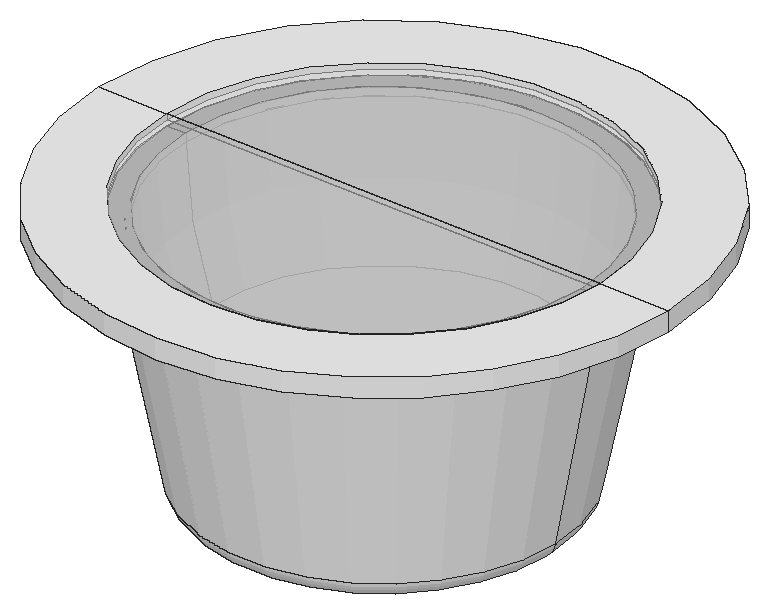
Revit family "2060546+2039013 Sylvania Lighting Fixture ASCENT 100 II ARCH 1000 4K STD EMG 160 with IP54 PC Cover", category Lighting Fixtures, host Face, Revit 2016
Family settings
  Host = Face
  Part Type = Normal
  Round Connector Dimension = Use Diameter
  OmniClass Number = 23.80.70.11.17
  OmniClass Title = Specialized Lighting by Location or Use
  Cut with Voids When Loaded = No
  Light Source = Yes
  Shared = No
  Room Calculation Point = No
Parameters (values of type "2060546+2039013 ASCT100 II ARCH 1000 4K STD EM 160 with IP54 PC Cover")
  WidthBezelAcc_SYL = 25.0 mm
  Weight = "1.92 kg"
  Wattage = 9 W
  WarrantyStartDate [instance] = "n/a"
  WarrantyGuarantorParts = "n/a"
  WarrantyDurationUnit = "n/a"
  WarrantyDurationParts = "n/a"
  WarrantyDescription = "n/a"
  built-in parameter 1150110 = 1 (stored number, unit not read)
  Voltage = 0 V
  VisibilityAccessory_SYL = yes
  TypeName = "ASCENT 100 II ARCH 1000 4K STD EMG 160 with IP54 PC Cover"
  built-in parameter 1114217 = 1 (stored number, unit not read)
  Tilt Angle = -90°
  built-in parameter 1150109 = 1 (stored number, unit not read)
  built-in parameter 1150134 = 12
  built-in parameter 1150113 = 1 (stored number, unit not read)
  SerialNumber [instance] = "n/a"
  ReflectorRadius_SYL = Radius_SYL - 14.5 mm  # 80.0 mm
  RadiusAcc_SYL = 105.0 mm
  Radius_SYL = 94.5 mm
  URL = "http://www.sylvania-lighting.com"
  PowerFactor = 0
  PowerConsumption = "9 W"
  Photometric Web File = "2060546.ies"
  NominalWidth = 0.0 mm
  NominalLength = 0.0 mm
  NominalHeight = 94.0 mm
  Name = "ASCENT 100 II ARCH 1000 4K STD EMG 160 with IP54 PC Cover"
  ModelReference = "ASCENT 100 II ARCH 1000 4K STD EMG 160 with IP54 PC Cover"
  ModelNumber = "2060546+2039013"
  Material_4_SYL = none
  Material_3_SYL = Polycarbonate_Sylvania_Ascent_Clear
  Material_2_SYL = Aluminium_Sylvania_Ascent_Silver
  Material_1_SYL = Aluminum_Sylvania_Ascent_White
  Material = "aluminium housing, arcylic diffuser"
  ManufacturerName = "Feilo Sylvania"
  LuminousEfficacy = "112 lm/W"
  built-in parameter 1150105 = 80.214 (stored number, unit not read)
  Lumens = 1008 lm
  LuminaireType = ""
  built-in parameter 1150115 = 1 (stored number, unit not read)
  LightOutputRatio = "100"
  built-in parameter 1150137 = (empty or 0)
  built-in parameter 1150139 = (empty or 0)
  LampsType = Lamp  # "LED"
  LampNominalLuminous = "1009 lm"
  LampMacAdamStep = "3"
  LampColourTemperature = "4000 K"
  LampColourRenderingIndex = "80"
  built-in parameter 1150112 = 1 (stored number, unit not read)
  built-in parameter 1150114 = 1 (stored number, unit not read)
  Keynote = "16500"
  InstallationDate [instance] = "n/a"
  InputVoltage = "n/a"
  InputNominalFrequency = "n/a"
  built-in parameter 1150132 = (empty or 0)
  built-in parameter 1150102 = (empty or 0)
  built-in parameter 1150107 = 4000 (stored number, unit not read)
  built-in parameter 1150138 = (empty or 0)
  IngressProtection = "IP54"
  ImpactProtectionIndex = "IK02"
  built-in parameter 1150106 = 0.80214 (stored number, unit not read)
  IfcExportType = "IfcLightFixtureType"
  IfcExportAs = "IfcLightFixtureType"
  Height_SYL = 94.0 mm
  HeightAcc_SYL = 7.0 mm
  ExpectedLife = 50000
  EmittionSurface_SYL = if(VisibilityAccessory_SYL, 7.0 mm, 3.0 mm)  # 7.0 mm
  Emit from Circle Diameter = DiffuserRadius_SYL * 2  # 146.0 mm
  Emit Shape Visible in Rendering = no
  ElectricShockClassification = "Class II"
  built-in parameter 1150104 = 10.405 (stored number, unit not read)
  DurationUnit = "hours"
  DocumentationLiterature = "http://www.sylvania-lighting.com/product/en-int/products/2060546"
  DimmingControlOptions = "n/a"
  Dimming Lamp Color Temperature Shift = <None>
  DiffuserRadius_SYL = ReflectorRadius_SYL - 7.0 mm  # 73.0 mm
  Diameter_SYL = 2 * Radius_SYL  # 189.0 mm
  CutoutDiameter_SYL = Diameter_SYL - 13.0 mm  # 176.0 mm
  CreatedOn = "9/17/2018"
  CreatedBy = "@sylvania-lighting.com"
  Color Filter = 16777215
  built-in parameter 1114216 [instance] = 1 (stored number, unit not read)
  Model = "ASCENT 100 II ARCH 1000 4K STD EMG 160 with IP54 PC Cover"
  Manufacturer = "Feilo Sylvania"
  Lamp = "LED"
  Description = "Direct LED retro fit for original LED 100 Arch (160) single CFL lamp offering Matching lumen levels and improved light distribution of original LED 100 CFL lamp equivalents Typically half the power consumption compared to CFL Up to 112lm/W 160mm aperture Architectural reflector accepts range of glass accessories from existing LED 100 Arch 160 offering HE, HO and VHO versions equivalent of single 1 x 18W, 1 x 32W, 1 x 42W\r\n Additional VVHO versions which offer the performance circa 2 x 32W equivalent"  # constant formula
  Default Elevation = 0.0 mm
  built-in parameter 1140040 [instance] = 1
  BarCode [instance] = "n/a"
  built-in parameter 1114218 = 1 (stored number, unit not read)
  built-in parameter 1150133 = 10 (stored number, unit not read)
  AssetType = "Fixed"
  AssetIdentifier [instance] = "n/a"
  Assembly Code = "D5020200"
  Apparent Load = 9 VA
  Aperture_SYL = 2 * ReflectorRadius_SYL  # 160.0 mm
Types (2, lengths in mm): name | Wattage | TypeName | Photometric Web File | Name | ModelReference | built-in parameter 1150105 | Lumens | built-in parameter 1150106 | Model | Apparent Load
  2060546+2039013 ASCT100 II ARCH 1000 4K STD EM 160 with IP54 PC Cover | 9 W | "ASCENT 100 II ARCH 1000 4K STD EMG 160 with IP54 PC Cover" | "2060546.ies" | "ASCENT 100 II ARCH 1000 4K STD EMG 160 with IP54 PC Cover" | "ASCENT 100 II ARCH 1000 4K STD EMG 160 with IP54 PC Cover" | 80.214 (stored number, unit not read) | 1008 lm | 0.80214 (stored number, unit not read) | "ASCENT 100 II ARCH 1000 4K STD EMG 160 with IP54 PC Cover" | 9 VA
  2060546+2039013 ASCT100 II ARCH 1000 4K STD EM 160 with IP54 PC Cover Emergency mode | 1.69643 W | "ASCT100 II ARCH 1000 4K STD EM 160 with IP54 PC Cover Emergency mode" | "2060546EM.ies" | "ASCT100 II ARCH 1000 4K STD EM 160 with IP54 PC Cover Emergency mode" | "ASCT100 II ARCH 1000 4K STD EM 160 with IP54 PC Cover Emergency mode" | 15.12 (stored number, unit not read) | 190 lm | 0.1512 (stored number, unit not read) | "ASCT100 II ARCH 1000 4K STD EM 160 with IP54 PC Cover Emergency mode" | 1.69643 VA
Reference planes
  plane 1 "Center (Front/Back)": y = 0
  plane 2: z = 0
  plane 3 "Center (Left/Right)": x = 0
  plane 4 "Fixture Bottom": z = 3
  plane 5: z = -52.5
  plane 6 "Fixture Top": z = -91
  plane 7: x = -105
  plane 8: z = 7
  plane 9: x = -80
  plane 10: z = 5
  plane 11: x = -103
Forms (mm)
  Extrusion 1, solid, material "Aluminum_Sylvania_Ascent_White", detail levels fine
    sketch origin (0, 0, 0) x (1, 0, 0) y (0, 1, 0)
      loop
        circle (0, 0) r 94.5
      loop
        circle (0, 0) r 80
    from 0 to 3
  Extrusion 2, void
    sketch origin (0, 0, 0) x (1, 0, 0) y (0, 1, 0)
      loop
        circle (0, 0) r 88
    from -91 to 3
  Revolve 3, solid, material "Aluminum_Sylvania_Ascent_White" <- "Material_1_SYL", detail levels fine
    sketch origin (0, 0, 0) x (1, 0, 0) y (0, 0, 1)
      loop
        line (0, -91.073) -> (0, -89.023) -> (-55.468, -89.014)
        arc (-55.468, -89.014) -> (-59.352, -87.613) -> (-61.54, -84.139) r 6.307
        line (-61.54, -84.139) -> (-77.991, -2.844) -> (-77.991, 0) -> (-80, 0) -> (-80, -3) -> (-63.5, -84.536)
        arc (-63.5, -84.536) -> (-60.643, -89.203) -> (-55.5, -91.073) r 8.291
        line (-55.5, -91.073) -> (0, -91.073)
      axis (0, 0) -> (0, -91.073)
    angle from 0 to 360
  Revolve 4, solid, material "Aluminium_Sylvania_Ascent_Silver" <- "Material_2_SYL", detail levels fine
    sketch origin (0, 0, 0) x (1, 0, 0) y (0, 0, 1)
      loop
        line (-80, 3) -> (-80, 0) -> (-75, 0)
        arc (-75, 0) -> (-72.349, -26.77) -> (-64.5, -52.5) r 136.5
        line (-64.5, -52.5) -> (-58, -52.5)
        arc (-58, -52.5) -> (-56.857, -61.521) -> (-53.5, -69.971) r 36.166
        line (-53.5, -69.971) -> (0, -69.971) -> (0, -50.5) -> (-63.16, -50.5)
        arc (-63.16, -50.5) -> (-70.517, -25.725) -> (-73, 0) r 134.5
        line (-73, 0) -> (-73, 3) -> (-80, 3)
      axis (0, 3) -> (0, -69.971)
    angle from 0 to 360
  Extrusion 5, solid, material "Polycarbonate_Sylvania_Ascent_Clear" <- "Material_3_SYL", detail levels fine
    sketch origin (0, 0, 0) x (1, 0, 0) y (0, 1, 0)
      loop
        circle (0, 0) r 73
    from 0 to 3
  Revolve 6, solid, material "Aluminum_Sylvania_Ascent_White" <- "Material_1_SYL", detail levels coarse+medium
    sketch origin (0, 0, 0) x (1, 0, 0) y (0, 0, 1)
      loop
        line (0, -91.073) -> (0, 3) -> (-94.5, 3) -> (-94.5, 0) -> (-79.5, 0) -> (-79.5, -3) -> (-63, -84.536)
        arc (-63, -84.536) -> (-60.143, -89.203) -> (-55, -91.073) r 8.291
        line (-55, -91.073) -> (0, -91.073)
      axis (0, 3) -> (0, -91.073)
    angle from 0 to 360
  Revolve 7, solid, material "Aluminum_Sylvania_Ascent_White" <- "Material_1_SYL", visible <- "VisibilityAccessory_SYL"
    sketch origin (0, 0, 0) x (1, 0, 0) y (0, 0, 1)
      loop
        line (-105, 0) -> (-103, 0) -> (-103, 5) -> (-80, 5) -> (-80, 7) -> (-105, 7) -> (-105, 0)
      axis (0, 7) -> (0, 0)
    angle from 0 to 360
  Revolve 8, solid, material "Polycarbonate_Sylvania_Ascent_Clear" <- "Material_3_SYL", visible <- "VisibilityAccessory_SYL"
    sketch origin (0, 0, 0) x (1, 0, 0) y (0, 0, 1)
      loop
        line (-80, 7) -> (-80, 5) -> (0, 5) -> (0, 7) -> (-80, 7)
      axis (0, 7) -> (0, 5)
    angle from 0 to 360
Lines and regions (mm)
  reference lines
    curve 1: line (-150, 0, 7) -> (125, 0, 7)
Dimensions and locks
  locked: plane 4 "Fixture Bottom" to plane 2 at 3
  "Height_SYL": plane 4 "Fixture Bottom" to plane 6 "Fixture Top"
  "ReflectorRadius_SYL": plane 3 "Center (Left/Right)" to Revolve 4 sketch curve
  locked: Revolve 4 sketch curve to Revolve 4 sketch curve at 15.5
  locked: Revolve 4 sketch curve to Revolve 4 sketch curve at 5
  locked: Revolve 4 sketch curve to Revolve 4 sketch curve at 7
  locked: Revolve 4 sketch curve to Revolve 4 sketch curve at 22
  locked: Revolve 4 sketch curve to Revolve 4 sketch curve at 26.5
  locked: Revolve 3 sketch curve to Revolve 3 sketch curve at 16.5
  locked: Revolve 3 sketch curve to Revolve 3 sketch curve at 24.5
  "ReflectorRadius_SYL": Revolve 3 sketch curve to plane 3 "Center (Left/Right)"
  locked: Revolve 3 sketch curve to plane 6 "Fixture Top" at 6.464
  locked: plane 2 to Revolve 3 sketch curve at 3
  locked: Revolve 3 sketch curve to Revolve 3 sketch curve at 2
  locked: Revolve 3 sketch curve to Revolve 3 sketch curve at 2.009
  locked: plane 2 to plane 5 at 52.5
  locked: Revolve 6 sketch curve to Revolve 6 sketch curve at 31.5
  locked: Revolve 6 sketch curve to Revolve 6 sketch curve at 39.5
  locked: Revolve 6 sketch curve to Revolve 6 sketch curve at 15
  "Radius_SYL": plane 3 "Center (Left/Right)" to Revolve 6 sketch curve
  "RadiusAcc_SYL": plane 3 "Center (Left/Right)" to plane 7
  "HeightAcc_SYL": plane 8 to level
  "WidthBezelAcc_SYL": plane 7 to plane 9
  locked: plane 7 to plane 11 at 2
  locked: plane 8 to plane 10 at 2
  "EmittionSurface_SYL": curve 1 to level
  "CutoutDiameter_SYL": diameter of Extrusion 2 sketch curve
  "ReflectorRadius_SYL": radius of Extrusion 1 sketch curve
  "DiffuserRadius_SYL": radius of Extrusion 5 sketch curve
  "Radius_SYL": radius of Extrusion 1 sketch curve
  aligned and locked: host face to plane 2
  aligned and locked: host face to level
  aligned and locked: plane 4 "Fixture Bottom" to Extrusion 1
  aligned and locked: Extrusion 1 to plane 2
  aligned and locked: Revolve 3 sketch curve to plane 3 "Center (Left/Right)"
  aligned and locked: Revolve 4 sketch curve to plane 3 "Center (Left/Right)"  (x2)
  aligned and locked: plane 4 "Fixture Bottom" to Revolve 4 sketch curve
  aligned and locked: Extrusion 5 to plane 2
  aligned and locked: plane 2 to Revolve 3 sketch curve  (x2)
  aligned and locked: Revolve 6 sketch curve to plane 3 "Center (Left/Right)"
  aligned and locked: plane 6 "Fixture Top" to Extrusion 2
  aligned and locked: Revolve 7 sketch curve to plane 3 "Center (Left/Right)"
  aligned and locked: host face to Revolve 7 sketch curve  (x2)
  aligned and locked: Revolve 7 sketch curve to plane 7
  aligned and locked: plane 8 to Revolve 7 sketch curve
  aligned and locked: plane 9 to Revolve 7 sketch curve
  aligned and locked: Revolve 7 sketch curve to plane 10
  aligned and locked: plane 11 to Revolve 7 sketch curve
  aligned and locked: Revolve 7 to Revolve 8 sketch curve
  aligned and locked: Revolve 8 sketch curve to Revolve 7  (x2)
  aligned and locked: Revolve 8 sketch curve to plane 3 "Center (Left/Right)"  (x2)
  aligned and locked: plane 3 "Center (Left/Right)" to imposter light
  aligned and locked: imposter light to plane 1 "Center (Front/Back)"
  aligned and locked: imposter light to curve 1
Automatic sketch dimensions
  plane 1 "Center (Front/Back)" to Extrusion 2 sketch curve = 0.0 mm
  Extrusion 2 sketch curve to plane 3 "Center (Left/Right)" = 0.0 mm
  Extrusion 1 sketch curve to Extrusion 1 sketch curve = 0.0 mm  (x2)
  plane 1 "Center (Front/Back)" to Extrusion 1 sketch curve = 0.0 mm
  Extrusion 1 sketch curve to plane 3 "Center (Left/Right)" = 0.0 mm
  plane 6 "Fixture Top" to Revolve 3 sketch curve = 0.073 mm
  Revolve 3 sketch curve to plane 6 "Fixture Top" = 6.861 mm
  Revolve 3 sketch curve to Revolve 3 sketch curve = 0.003 mm
  Revolve 3 sketch curve to Revolve 3 sketch curve = 0.009 mm  (x2)
  Revolve 3 sketch curve to Revolve 3 sketch curve = 0.023 mm
  Revolve 3 sketch curve to Revolve 3 sketch curve = 0.072 mm
  Revolve 3 sketch curve to Revolve 3 sketch curve = 0.008 mm
  Revolve 3 sketch curve to plane 6 "Fixture Top" = 1.977 mm
  Revolve 3 sketch curve to Revolve 3 sketch curve = 33.496 mm
  Revolve 3 sketch curve to Revolve 3 sketch curve = 0.028 mm
  plane 4 "Fixture Bottom" to Revolve 3 sketch curve = 82.431 mm
  Revolve 4 sketch curve to Revolve 4 sketch curve = 0.0 mm  (x2)
  Revolve 4 sketch curve to plane 5 = 0.0 mm
  Revolve 4 sketch curve to level = 0.0 mm
  plane 5 to Revolve 4 sketch curve = 2.0 mm
  plane 4 "Fixture Bottom" to Revolve 4 sketch curve = 9.642 mm
  plane 1 "Center (Front/Back)" to Extrusion 5 sketch curve = 0.0 mm
  Extrusion 5 sketch curve to plane 3 "Center (Left/Right)" = 0.0 mm
  Revolve 4 sketch curve to level = 69.971 mm
  Revolve 4 sketch curve to Revolve 4 sketch curve = 2.387 mm
  Revolve 6 sketch curve to level = 0.0 mm
  Revolve 6 sketch curve to plane 3 "Center (Left/Right)" = 0.0 mm
  Revolve 6 sketch curve to Revolve 6 sketch curve = 8.104 mm
  Revolve 6 sketch curve to level = 3.0 mm
  Revolve 6 sketch curve to plane 6 "Fixture Top" = 6.464 mm
  plane 6 "Fixture Top" to Revolve 6 sketch curve = 0.073 mm
  Revolve 6 sketch curve to Revolve 6 sketch curve = 33.496 mm
  plane 4 "Fixture Bottom" to Revolve 6 sketch curve = 82.431 mm
  host sketch curve to host sketch curve = 1704.996 mm
  host sketch curve to host sketch curve = 1500.0 mm
  plane 6 "Fixture Top" to Revolve 7 sketch curve = 281.274 mm
  Revolve 7 sketch curve to plane 8 = 1140.706 mm
  plane 6 "Fixture Top" to Revolve 8 sketch curve = 281.274 mm
  Revolve 8 sketch curve to Revolve 8 sketch curve = 1140.706 mm
  Revolve 3 sketch curve to plane 3 "Center (Left/Right)" = 0.0 mm
  Revolve 6 sketch curve to plane 4 "Fixture Bottom" = 0.0 mm
  plane 7 to curve 1 = 45.0 mm
  plane 3 "Center (Left/Right)" to curve 1 = 125.0 mm
Connectors
  electrical at (0, 0, -91.073), driven by "Apparent Load"
    settings: on Revolve 3, index 1, voltage 240 V, apparent load 0 VA, apparent load phase1 9 VA, apparent load phase2 0 VA, apparent load phase3 0 VA, power factor 1, load classification "Lighting", number of poles 1, system type 31, power factor state 1, is connector primary yes, connector utility no, sub classification motor no, connector description ""
